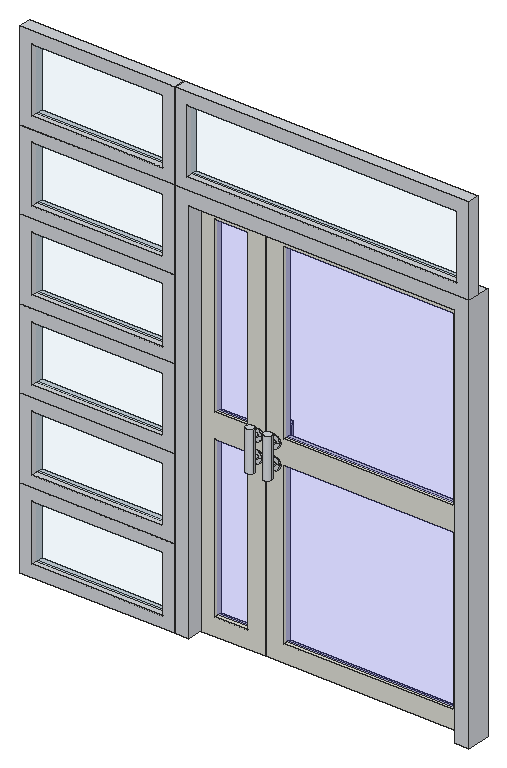
Revit family "D4_不鏽鋼門(甲種防火門)1", category 門, Revit 2014
Parameters (values of type "(150+79) x 250 cm 2")
  熱阻 (R) = 0.270117 (m²·K)/W
  Visual Light Transmittance = 0
  Solar Heat Gain Coefficient = 0
  營造類型 Id = "MDOOR"
  關鍵註記 = "雙開子母門-矩形"
  傳熱係數 (U) = 3.7021 W/(m²·K)
  功能 = 室內
  門扇_材料 = none
  門扇_寬度(小) = (Width - 2 * 開門側框_寬度) / 4  # 350 mm
  門扇_寬度(大) = 3 * (Width - 2 * 開門側框_寬度) / 4  # 1050 mm
  門扇_厚度 = 40 mm
  Rough Height = Height  # 2050 mm
  Rough Width = Width  # 1500 mm
  框_深度 = 120 mm
  框_檔版_寬度 [instance] = 門扇_厚度 / 2  # 20 mm
  框_總寬度 [instance] = 開門側框_寬度 + 框_檔版_寬度  # 70 mm
  Height = 2050 mm
  牆封閉 = 依主體
  框_材料 = none
  開門側框_寬度 = 50 mm
  握把五金 = none
  Width = 1500 mm
  操作 = "DoubleDoorSingleSwing"
  解析營造 = "金屬"
Reference planes
  plane 1: y = 0
  plane 2 "中心 (左/右)": x = 0
  plane 3 "左": x = -750
  plane 4 "右": x = 750
  plane 5: z = 2050
  plane 6 "外部": y = 75
  plane 7 "內部": y = -75
  plane 8: z = 1025
  plane 9: x = -350
  plane 10: x = 700
  plane 11: x = -395
  plane 12: x = -305
  plane 13: z = 0
Forms (mm)
  Sweep 1, solid, material <- "框_材料"
    path origin (-5000, 0, 0) x (-1, 0, 0) y (0, 0, 1)
      loop
        line (-5750, 0) -> (-5750, 2050) -> (-4250, 2050) -> (-4250, 0)
    profile origin (750, 0, 1025) x (1, 0, 0) y (0, 1, 0)
      loop
        line (0, 60) -> (-50, 60) -> (-50, 20) -> (-70, 20) -> (-70, -60) -> (0, -60) -> (0, 60)
  Extrusion 2, solid, material "鋼、油漆塗層、象牙白色、霧面"
    sketch origin (-5000, 0, 0) x (1, 0, 0) y (0, 0, 1)
      loop
        line (4650, 2000) -> (4650, 0) -> (5700, 0) -> (5700, 2000) -> (4650, 2000)
      loop
        line (5610, 1025) -> (5610, 1910) -> (4740, 1910) -> (4740, 1025) -> (5610, 1025)
      loop
        line (5610, 905) -> (4740, 905) -> (4740, 90) -> (5610, 90) -> (5610, 905)
    from -60 to -20
  Extrusion 3, solid, material "鋼、油漆塗層、象牙白色、霧面"
    sketch origin (-5000, 0, 0) x (1, 0, 0) y (0, 0, 1)
      loop
        line (4650, 2000) -> (4300, 2000) -> (4300, 0) -> (4650, 0) -> (4650, 2000)
      loop
        line (4560, 1910) -> (4390, 1910) -> (4390, 1025) -> (4560, 1025) -> (4560, 1910)
      loop
        line (4560, 905) -> (4390, 905) -> (4390, 90) -> (4560, 90) -> (4560, 905)
    from -60 to -20
  Extrusion 4, solid, material "玻璃網格"
    sketch origin (-5000, 0, 0) x (1, 0, 0) y (0, 0, 1)
      loop
        line (5610, 1910) -> (4740, 1910) -> (4740, 1025) -> (5610, 1025) -> (5610, 1910)
      loop
        line (4740, 905) -> (4740, 90) -> (5610, 90) -> (5610, 905) -> (4740, 905)
      loop
        line (4560, 90) -> (4560, 905) -> (4390, 905) -> (4390, 90) -> (4560, 90)
      loop
        line (4390, 1025) -> (4560, 1025) -> (4560, 1910) -> (4390, 1910) -> (4390, 1025)
    from -45 to -35
Lines and regions (mm)
  Opening 1
    outline origin (-3050, -75, 0) x (1, 0, 0) y (0, 0, 1)
      loop
        line (2300, 0) -> (3800, 0) -> (3800, 2050) -> (2300, 2050) -> (2300, 0)
  symbolic lines, style "Doors"
    curve 1: line (-700, 60, 0) -> (-660, 60, 0)
    curve 2: line (-700, 410, 0) -> (-700, 60, 0)
    curve 3: line (-660, 410, 0) -> (-700, 410, 0)
    curve 4: line (-660, 60, 0) -> (-660, 410, 0)
    curve 13: line (700, 60, 0) -> (660, 60, 0)
    curve 14: line (700, 1110, 0) -> (700, 60, 0)
    curve 15: line (660, 1110, 0) -> (700, 1110, 0)
    curve 16: line (660, 60, 0) -> (660, 1110, 0)
    curve 23: line (-700, -60, 0) -> (-660, -60, 0)
    curve 24: line (-700, -410, 0) -> (-700, -60, 0)
    curve 25: line (-660, -410, 0) -> (-700, -410, 0)
    curve 26: line (-660, -60, 0) -> (-660, -410, 0)
    curve 27: line (700, -60, 0) -> (660, -60, 0)
    curve 28: line (700, -1110, 0) -> (700, -60, 0)
    curve 29: line (660, -1110, 0) -> (700, -1110, 0)
    curve 30: line (660, -60, 0) -> (660, -1110, 0)
  symbolic lines, style "DoorsFrameMullionProjection"
    curve 5: line (-700, 60, 0) -> (-750, 60, 0)
    curve 6: line (-700, -60, 0) -> (-700, 60, 0)
    curve 7: line (-750, -60, 0) -> (-700, -60, 0)
    curve 8: line (-750, 60, 0) -> (-750, -60, 0)
    curve 9: line (700, 60, 0) -> (750, 60, 0)
    curve 10: line (700, -60, 0) -> (700, 60, 0)
    curve 11: line (750, -60, 0) -> (700, -60, 0)
    curve 12: line (750, 60, 0) -> (750, -60, 0)
  symbolic lines, style "平面圖打開方向"
    curve 17: arc (-700, 410, 1000) -> (-452.513, 307.487, 1000) -> (-350, 60, 1000) r 350
    curve 18: arc (-350, 60, 1000) -> (-42.462, 802.462, 1000) -> (700, 1110, 1000) r 1050
    curve 31: arc (-700, -410, 1000) -> (-452.513, -307.487, 1000) -> (-350, -60, 1000) r 350
    curve 32: arc (-350, -60, 1000) -> (-42.462, -802.462, 1000) -> (700, -1110, 1000) r 1050
  symbolic lines, style "立面圖打開方向"
    curve 19: line (-350, -75, 2000) -> (700, -75, 1020)
    curve 20: line (700, -75, 1020) -> (-350, -75, 0)
    curve 21: line (-350, -75, 0) -> (-700, -75, 1020)
    curve 22: line (-700, -75, 1020) -> (-350, -75, 2000)
Text (mm)
  text "外部" at (-2295.016, 1099.543, 0), in view "參考樓層"
  text "外部" at (0, 1615.38, 3698.081), in view "左"
  text "外部" at (0, 1036.032, 3874.932), in view "右"
Dimensions and locks
  equal spacing: plane 3 "左", plane 2 "中心 (左/右)", plane 4 "右"
  "Width": plane 3 "左" to plane 4 "右"
  "Height": plane 5 to host wall
  host wall to plane 5 = 2050 mm  (x2)
  locked: plane 6 "外部" to host wall at 0
  locked: plane 7 "內部" to host wall
  equal spacing: Sweep 1 sketch curve, host wall, Sweep 1 sketch curve
  "框_深度": Sweep 1 sketch curve to Sweep 1 sketch curve
  "門扇_厚度": Sweep 1 sketch curve to Sweep 1 sketch curve
  "框_檔版_寬度": Sweep 1 sketch curve to Sweep 1 sketch curve
  "Width": Sweep 1 sketch curve to Sweep 1 sketch curve
  "門扇_厚度": curve 2 to curve 4
  "門扇_寬度(小)": curve 3 to curve 1
  "開門側框_寬度": curve 10 to Sweep 1
  "開門側框_寬度": curve 8 to curve 6
  equal spacing: Sweep 1, host wall, Sweep 1  (x2)
  "框_深度": Sweep 1 to Sweep 1  (x2)
  equal spacing: curve 5, plane 1, curve 7
  "框_深度": curve 5 to curve 7
  equal spacing: curve 11, plane 1, curve 9
  "框_深度": curve 11 to curve 9
  "門扇_厚度": curve 14 to curve 16
  "門扇_寬度(大)": curve 15 to curve 13
  equal spacing: plane 5, plane 8, level
  "開門側框_寬度": plane 10 to plane 4 "右"
  "門扇_寬度(大)": plane 9 to plane 10
  plane 11 to plane 9 = 45 mm
  plane 9 to plane 12 = 45 mm
  "Height": plane 13 to plane 5
  "門扇_厚度": curve 24 to curve 26
  "門扇_寬度(小)": curve 25 to curve 23
  "門扇_厚度": curve 28 to curve 30
  "門扇_寬度(大)": curve 29 to curve 27
  aligned and locked: plane 3 "左" to Opening 1 sketch curve
  aligned and locked: plane 5 to Opening 1 sketch curve  (x2)
  aligned and locked: Opening 1 sketch curve to plane 4 "右"
  aligned and locked: Opening 1 sketch curve to level
  aligned and locked: plane 1 to host wall
  aligned and locked: curve 17 to curve 2
  aligned and locked: curve 14 to curve 18
  aligned and locked: Sweep 1 sketch curve to plane 10
  aligned and locked: Sweep 1 sketch curve to profile plane
  aligned and locked: plane 5 to Sweep 1 sketch curve
  aligned and locked: plane 4 "右" to Sweep 1 sketch curve
  aligned and locked: Extrusion 2 sketch curve to Extrusion 2 sketch curve  (x2)
  aligned and locked: nested 3 to plane 12
  aligned and locked: nested 4 to plane 11
  aligned and locked: plane 11 to nested 5
  aligned and locked: plane 12 to nested 6
  aligned and locked: nested 7 to Sweep 1
  aligned and locked: plane 3 "左" to nested 7
  aligned and locked: plane 3 "左" to nested 8
  aligned and locked: plane 3 "左" to nested 9
  aligned and locked: plane 3 "左" to nested 10
  aligned and locked: plane 3 "左" to nested 11
  aligned and locked: plane 3 "左" to nested 12
  aligned and locked: plane 3 "左" to nested 13
  aligned and locked: plane 4 "右" to nested 13
  aligned and locked: curve 31 to curve 24
  aligned and locked: curve 28 to curve 32
Automatic sketch dimensions
  Sweep 1 sketch curve to level = 0 mm  (x2)
  curve 8 to plane 3 "左" = 0 mm
  curve 12 to plane 4 "右" = 0 mm
  curve 32 to plane 9 = 0 mm
  curve 31 to plane 9 = 0 mm
  curve 17 to plane 9 = 0 mm
  curve 18 to plane 9 = 0 mm
  host wall to curve 32 = 1035 mm
  host wall to curve 31 = 335 mm
  curve 18 to host wall = 15 mm
  curve 20 to level = 0 mm
  curve 20 to plane 9 = 0 mm
  curve 22 to plane 9 = 0 mm
  curve 20 to plane 10 = 0 mm
  curve 20 to plane 8 = 5 mm
  curve 21 to plane 8 = 5 mm
  curve 21 to plane 3 "左" = 50 mm
  plane 5 to curve 22 = 50 mm
  Extrusion 2 sketch curve to level = 0 mm
  Extrusion 2 sketch curve to plane 9 = 0 mm
  Extrusion 2 sketch curve to plane 8 = 0 mm
  Extrusion 2 sketch curve to plane 10 = 0 mm
  level to Extrusion 2 sketch curve = 90 mm
  plane 12 to Extrusion 2 sketch curve = 45 mm
  Extrusion 2 sketch curve to plane 10 = 90 mm
  Extrusion 2 sketch curve to plane 8 = 120 mm
  plane 5 to Extrusion 2 sketch curve = 140 mm
  plane 5 to Extrusion 2 sketch curve = 50 mm
  Extrusion 3 sketch curve to level = 0 mm
  Extrusion 3 sketch curve to plane 8 = 0 mm
  Extrusion 3 sketch curve to plane 9 = 0 mm
  level to Extrusion 3 sketch curve = 90 mm
  Extrusion 3 sketch curve to plane 11 = 45 mm  (x2)
  Extrusion 3 sketch curve to plane 3 "左" = 140 mm  (x2)
  Extrusion 3 sketch curve to plane 3 "左" = 50 mm
  Extrusion 3 sketch curve to plane 8 = 120 mm
  plane 5 to Extrusion 3 sketch curve = 140 mm
  plane 5 to Extrusion 3 sketch curve = 50 mm
  Extrusion 4 sketch curve to plane 8 = 0 mm  (x2)
  Extrusion 4 sketch curve to plane 3 "左" = 140 mm
  level to Extrusion 4 sketch curve = 90 mm  (x2)
  Extrusion 4 sketch curve to Extrusion 4 sketch curve = 0 mm
  Extrusion 4 sketch curve to plane 11 = 45 mm  (x2)
  plane 12 to Extrusion 4 sketch curve = 45 mm  (x2)
  Extrusion 4 sketch curve to plane 10 = 90 mm  (x2)
  Extrusion 4 sketch curve to plane 8 = 120 mm  (x2)
  plane 5 to Extrusion 4 sketch curve = 140 mm  (x2)
Nested families
  nested 1: "喇叭鎖" at (-225, 60, 1000), type "喇叭鎖", not visible
  nested 2: "喇叭鎖" at (-225, 20, 1000), type "喇叭鎖", not visible
  nested 3: "垂直門把" at (-380, 60, 0), type "垂直門把"
  nested 4: "垂直門把" at (-470, 60, 0), type "垂直門把"
  nested 5: "垂直門把" at (-470, 20, 0), type "垂直門把"
  nested 6: "垂直門把" at (-380, 20, 0), type "垂直門把"
  nested 7: "固定窗-矩形- (1)" at (-1145, 0, -900), type "79 x 41 cm"
    with Height 410 mm, Rough Height 410 mm, Rough Width 790 mm, Width 790 mm
  nested 8: "固定窗-矩形- (1)" at (-1145, 0, -490), type "79 x 41 cm"
    with Height 410 mm, Rough Height 410 mm, Rough Width 790 mm, Width 790 mm
  nested 9: "固定窗-矩形- (1)" at (-1145, 0, -80), type "79 x 41 cm"
    with Height 410 mm, Rough Height 410 mm, Rough Width 790 mm, Width 790 mm
  nested 10: "固定窗-矩形- (1)" at (-1145, 0, 330), type "79 x 41 cm"
    with Height 410 mm, Rough Height 410 mm, Rough Width 790 mm, Width 790 mm
  nested 11: "固定窗-矩形- (1)" at (-1145, 0, 740), type "79 x 41 cm"
    with Height 410 mm, Rough Height 410 mm, Rough Width 790 mm, Width 790 mm
  nested 12: "固定窗-矩形- (1)" at (-1145, 0, 1150), type "79 x 45 cm"
    with Height 450 mm, Rough Height 450 mm, Rough Width 790 mm, Width 790 mm
  nested 13: "固定窗-矩形- (1)" at (0, 0, 1150), type "150 x 45 cm"
    with Height 450 mm, Rough Height 450 mm, Rough Width 1500 mm, Width 1500 mm
Definition of nested family "喇叭鎖"
  Parameters (values of type "喇叭鎖")
    Assembly Code = ""
    握把高度 = 1000 mm
    握把與版面側邊距離 = 75 mm
    握把五金 = none
  Reference planes
    plane 1 "中心 (前/後)": y = 0
    plane 2: z = 0
    plane 3 "中心 (左/右)": x = 0
    plane 4: x = 75
  Forms (mm)
    Revolve 1, solid, material <- "握把五金"
      sketch origin (511.236, -60, 1000) x (1, 0, 0) y (0, 1, 0)
        loop
          line (-436.236, 60) -> (-406.236, 60) -> (-406.236, 66) -> (-426.236, 66) -> (-426.236, 85) -> (-417.636, 85) -> (-411.236, 109.7) -> (-411.236, 113.2) -> (-415.736, 115) -> (-436.236, 115) -> (-436.236, 60)
        axis (-436.236, 60) -> (-436.236, 115)
      angle from 0 to 360
  Dimensions and locks
    "握把與版面側邊距離": plane 3 "中心 (左/右)" to plane 4
    "握把高度": Revolve 1 to level
  Automatic sketch dimensions
    plane 3 "中心 (左/右)" to Revolve 1 sketch curve = 75 mm  (x2)
    Revolve 1 sketch curve to plane 1 "中心 (前/後)" = 0 mm
    plane 3 "中心 (左/右)" to Revolve 1 sketch curve = 85 mm
    Revolve 1 sketch curve to Revolve 1 sketch curve = 8.6 mm
    plane 3 "中心 (左/右)" to Revolve 1 sketch curve = 95.5 mm
    Revolve 1 sketch curve to Revolve 1 sketch curve = 4.5 mm
    Revolve 1 sketch curve to Revolve 1 sketch curve = 20 mm
    plane 1 "中心 (前/後)" to Revolve 1 sketch curve = 60 mm
    Revolve 1 sketch curve to Revolve 1 sketch curve = 6 mm
    Revolve 1 sketch curve to Revolve 1 sketch curve = 19 mm
    Revolve 1 sketch curve to Revolve 1 sketch curve = 24.7 mm
    Revolve 1 sketch curve to Revolve 1 sketch curve = 3.5 mm
    Revolve 1 sketch curve to Revolve 1 sketch curve = 1.8 mm
    Revolve 1 sketch curve to Revolve 1 sketch curve = 200 mm
Definition of nested family "垂直門把"
  Parameters (values of type "垂直門把")
    Analytic Construction = "<無>"
    Assembly Code = ""
    握把高度 = 1000 mm
    握把與版面側邊距離 = 75 mm
    握把五金 = none
  Reference planes
    plane 1 "中心 (前/後)": y = 0
    plane 2: z = 0
    plane 3 "中心 (左/右)": x = 0
    plane 4: x = 75
  Forms (mm)
    Revolve 1, solid, material <- "握把五金"
      sketch origin (511.236, -60, 1000) x (1, 0, 0) y (0, 1, 0)
        loop
          line (-436.236, 60) -> (-406.236, 60) -> (-406.236, 66) -> (-426.236, 66) -> (-426.236, 87.765) -> (-436.236, 87.765) -> (-436.236, 60)
        axis (-436.236, 60) -> (-436.236, 87.765)
      angle from 0 to 360
    Revolve 2, solid, material <- "握把五金"
      sketch origin (511.236, -60, 900) x (1, 0, 0) y (0, 1, 0)
        loop
          line (-436.236, 60) -> (-406.236, 60) -> (-406.236, 66) -> (-426.236, 66) -> (-426.236, 87.765) -> (-436.236, 87.765) -> (-436.236, 60)
        axis (-436.236, 60) -> (-436.236, 87.765)
      angle from 0 to 360
    Extrusion 3, solid, material <- "握把五金"
      sketch origin (0, 0, 0) x (1, 0, 0) y (0, 1, 0)
        loop
          circle (75, 45) r 20
      from 850 to 1050
  Dimensions and locks
    "握把與版面側邊距離": plane 3 "中心 (左/右)" to plane 4
    "握把高度": Revolve 1 to level
    aligned and locked: Revolve 2 to Revolve 1
  Automatic sketch dimensions
    Revolve 1 sketch curve to plane 4 = 0 mm  (x2)
    plane 1 "中心 (前/後)" to Revolve 1 sketch curve = 0 mm
    Revolve 1 sketch curve to plane 1 "中心 (前/後)" = 6 mm
    Revolve 1 sketch curve to Revolve 1 sketch curve = 10 mm
    Revolve 1 sketch curve to Revolve 1 sketch curve = 20 mm
    Revolve 1 sketch curve to Revolve 1 sketch curve = 21.765 mm
    Revolve 1 sketch curve to Revolve 1 sketch curve = 60 mm
    Revolve 1 sketch curve to Revolve 1 sketch curve = 227.235 mm
    Revolve 2 sketch curve to plane 4 = 0 mm  (x2)
    plane 1 "中心 (前/後)" to Revolve 2 sketch curve = 0 mm
    Revolve 2 sketch curve to plane 1 "中心 (前/後)" = 6 mm
    Revolve 2 sketch curve to Revolve 2 sketch curve = 10 mm
    Revolve 2 sketch curve to Revolve 2 sketch curve = 20 mm
    Revolve 2 sketch curve to Revolve 2 sketch curve = 21.765 mm
    Revolve 2 sketch curve to Revolve 2 sketch curve = 60 mm
    Revolve 2 sketch curve to Revolve 2 sketch curve = 227.43 mm
    plane 4 to Extrusion 3 sketch curve = 0 mm
    Extrusion 3 sketch curve to plane 1 "中心 (前/後)" = 45 mm
    radius of Extrusion 3 sketch curve = 20 mm
Definition of nested family "固定窗-矩形- (1)"
  Parameters (values of type "100 x 150 cm")
    Visual Light Transmittance = 0.9
    Solar Heat Gain Coefficient = 0.78
    Construction Type Id = ""
    Height = 1500 mm
    Heat Transfer Coefficient (U) = 3.6886 W/(m²·K)
    預設窗台高度 = 900 mm
    Keynote = "固定窗-矩形"
    Rough Height = Height  # 1500 mm
    Rough Width = Width  # 1000 mm
    玻璃材質 = none
    Wall Closure = (empty or 0)
    Width = 1000 mm
    裝飾外框材料 = none
    裝飾外框寬度 = 60 mm
    裝飾外框厚度 = 60 mm
    Analytic Construction = (empty or 0)
  Reference planes
    plane 1: y = 0
    plane 2 "中心 (左/右)": x = 0
    plane 3 "左": x = -500
    plane 4 "右": x = 500
    plane 5 "窗台": z = 900
    plane 6 "標頭": z = 2400
    plane 7 "外部": y = 75
    plane 8 "內部": y = -75
  Lines and regions (mm)
    Opening 1
      outline origin (3500, -75, 0) x (1, 0, 0) y (0, 0, 1)
        loop
          line (-3000, 900) -> (-3000, 2400) -> (-4000, 2400) -> (-4000, 900) -> (-3000, 900)
  Text (mm)
    text "外部" at (-1963.203, 1332.353, 0), in view "參考樓層"
    text "內部" at (-1981.466, -818.386, 0), in view "參考樓層"
    text "外部" at (0, 923.751, 2943.296), in view "右"
    text "外部" at (0, 1040.484, 2685.409), in view "左"
  Dimensions and locks
    equal spacing: plane 3 "左", plane 2 "中心 (左/右)", plane 4 "右"
    "Width": plane 3 "左" to plane 4 "右"
    "Height": plane 5 "窗台" to plane 6 "標頭"
    "預設窗台高度": plane 5 "窗台" to level
    locked: plane 7 "外部" to host wall at 0
    locked: plane 8 "內部" to host wall
    aligned and locked: plane 1 to nested 1
    aligned and locked: nested 1 to plane 3 "左"
    aligned and locked: nested 1 to plane 4 "右"
    aligned and locked: nested 1 to plane 6 "標頭"
    aligned and locked: nested 1 to plane 5 "窗台"
  Automatic sketch dimensions
    Opening 1 sketch curve to plane 3 "左" = 0 mm
    Opening 1 sketch curve to plane 4 "右" = 0 mm
    Opening 1 sketch curve to plane 5 "窗台" = 0 mm
    Opening 1 sketch curve to plane 6 "標頭" = 0 mm
  Nested families
    nested 1: "窗框" at (-267.428, 919.367, -100), type "窗框"
      with Height 1500 mm, Width 1000 mm
  Definition of nested family "窗框"
    Parameters (values of type "窗框")
      Height [instance] = 500 mm
      護桿寬度 = 20 mm
      護桿厚度 = 10 mm
      Rough Height = 500 mm
      Rough Width = 600 mm
      Width [instance] = 600 mm
      裝飾外框材料 = none
      玻璃材質 = none
      玻璃厚度 = 10 mm
      裝飾外框寬度 = 60 mm
      裝飾外框厚度 = 60 mm
      Assembly Code = ""
    Reference planes
      plane 1 "中心 (前/後)": y = -919.367
      plane 2: z = 0
      plane 3 "中心 (左/右)": x = 267.428
      plane 4 "玻璃-上": y = -944.367
      plane 5 "玻璃-下": y = -954.367
      plane 6: y = -979.367
      plane 7: x = -32.572
      plane 8: x = 567.428
      plane 9: x = 27.428
      plane 10: x = 507.428
      plane 11: z = 1440
      plane 12: z = 1500
      plane 13: z = 1060
      plane 14: z = 1000
      plane 15: y = -949.367
    Forms (mm)
      Extrusion 1, solid, material <- "玻璃材質"
        sketch origin (-1499.274, -949.367, 1200) x (-1, 0, 0) y (0, 0, 1)
          loop
            line (-1526.702, 240) -> (-2006.702, 240) -> (-2006.702, -140) -> (-1526.702, -140) -> (-1526.702, 240)
        from -5 to 5
      Extrusion 2, solid, material <- "裝飾外框材料"
        sketch origin (-1499.274, -949.367, 1200) x (-1, 0, 0) y (0, 0, 1)
          loop
            line (-1466.702, 300) -> (-2066.702, 300) -> (-2066.702, -200) -> (-1466.702, -200) -> (-1466.702, 300)
          loop
            line (-1526.702, 240) -> (-2006.702, 240) -> (-2006.702, -140) -> (-1526.702, -140) -> (-1526.702, 240)
        from -30 to 30
    Dimensions and locks
      equal spacing: plane 10, plane 3 "中心 (左/右)", plane 9
      "裝飾外框寬度": plane 8 to plane 10
      "裝飾外框寬度": plane 9 to plane 7
      "裝飾外框寬度": plane 12 to plane 11
      "Width": plane 8 to plane 7
      "裝飾外框寬度": plane 13 to plane 14
      "Height": plane 12 to plane 14
      plane 14 to level = 1000 mm
      equal spacing: plane 4 "玻璃-上", plane 15, plane 5 "玻璃-下"
      "玻璃厚度": plane 4 "玻璃-上" to plane 5 "玻璃-下"
      equal spacing: plane 6, plane 15, plane 1 "中心 (前/後)"
      "裝飾外框厚度": plane 6 to plane 1 "中心 (前/後)"
      aligned and locked: Extrusion 1 sketch curve to plane 11
      aligned and locked: plane 9 to Extrusion 1 sketch curve
      aligned and locked: Extrusion 1 sketch curve to plane 10
      aligned and locked: plane 13 to Extrusion 1 sketch curve
      aligned and locked: plane 7 to Extrusion 2 sketch curve
      aligned and locked: Extrusion 2 sketch curve to plane 12
      aligned and locked: Extrusion 2 sketch curve to plane 8
      aligned and locked: plane 9 to Extrusion 2 sketch curve
      aligned and locked: plane 13 to Extrusion 2 sketch curve
      aligned and locked: Extrusion 2 sketch curve to plane 10
      aligned and locked: Extrusion 2 sketch curve to plane 11
      aligned and locked: Extrusion 2 sketch curve to plane 14
      aligned and locked: plane 2 to level
      aligned and locked: plane 6 to Extrusion 2
      aligned and locked: plane 1 "中心 (前/後)" to Extrusion 2
      aligned and locked: plane 5 "玻璃-下" to Extrusion 1
      aligned and locked: plane 4 "玻璃-上" to Extrusion 1
